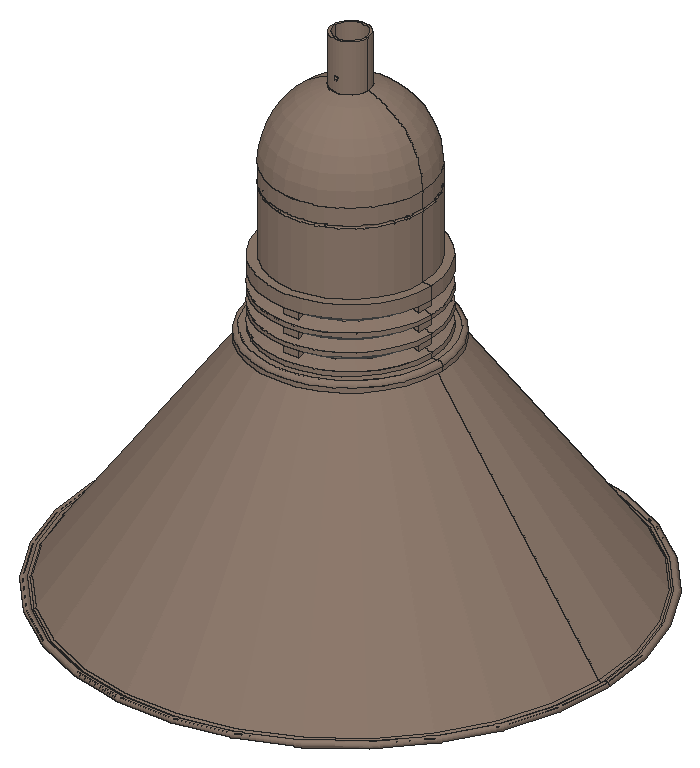
Revit family "BVA3009", category Generic Models, Revit 2014
Parameters
  GLASS = Glass
  BELL = Bronze, Architectural
Reference planes (in)
  plane 1 "Center (Front/Back)": y = 0
  plane 2: z = 0
  plane 3 "Center (Left/Right)": x = 0
Forms (in)
  Revolve 1, solid, material "Bronze, Architectural" <- "BELL"
    sketch origin (0, 0, 6.66097) x (1, 0, 0) y (0, 0, 1)
      loop
        line (-1.00991, 22.36504) -> (-1.00991, 19.61504) -> (-0.88491, 19.61504) -> (-0.88491, 22.36504) -> (-1.00991, 22.36504)
      axis (0, 22.36504) -> (0, 19.61504)
    angle from 0 to 360
  Revolve 2, solid, material "Bronze, Architectural" <- "BELL"
    sketch origin (0, 0, 6.66097) x (1, 0, 0) y (0, 0, 1)
      loop
        line (-0.69991, 19.61504) -> (-1.05259, 19.61504)
        arc (-1.05259, 19.61504) -> (-3.35001, 18.10258) -> (-4.24009, 15.5) r 4.25
        line (-4.24009, 15.5) -> (-4.24009, 14.5625)
        arc (-4.24009, 14.5625) -> (-4.20152, 14.5) -> (-4.24009, 14.4375) r 0.06992
        line (-4.24009, 14.4375) -> (-4.24009, 10.75) -> (-4.74009, 10.75) -> (-4.74009, 10) -> (-4.11509, 10) -> (-4.11509, 14.3836)
        arc (-4.11509, 14.3836) -> (-4.07652, 14.5) -> (-4.11509, 14.6164) r 0.19492
        line (-4.11509, 14.6164) -> (-4.11509, 15.5)
        arc (-4.11509, 15.5) -> (-3.25601, 18.0198) -> (-1.03659, 19.49004) r 4.125
        line (-1.03659, 19.49004) -> (-0.69991, 19.49004) -> (-0.69991, 19.61504)
      axis (0, 19.61504) -> (0, 10)
    angle from 0 to 360
  Revolve 3, solid, material "Bronze, Architectural" <- "BELL"
    sketch origin (0, 0, 6.66097) x (1, 0, 0) y (0, 0, 1)
      loop
        line (-3.99009, 6.5) -> (-4.86366, 6.5)
        arc (-4.86366, 6.5) -> (-4.97648, 6.47309) -> (-5.06502, 6.39816) r 0.25
        line (-5.06502, 6.39816) -> (-14.49415, -6.41649)
        arc (-14.49415, -6.41649) -> (-14.54675, -6.46559) -> (-14.60723, -6.50457) r 0.40382
        arc (-14.60723, -6.50457) -> (-14.74349, -6.55026) -> (-14.88629, -6.56642) r 0.6827
        arc (-14.88629, -6.56642) -> (-14.91775, -6.51516) -> (-14.85773, -6.51118) r 0.03513
        line (-14.85773, -6.51118) -> (-14.75525, -6.43961)
        arc (-14.75525, -6.43961) -> (-15.0288, -6.45777) -> (-14.88538, -6.69142) r 0.16013
        arc (-14.88538, -6.69142) -> (-14.71482, -6.67194) -> (-14.55223, -6.61686) r 0.8077
        arc (-14.55223, -6.61686) -> (-14.46878, -6.5633) -> (-14.39679, -6.4951) r 0.52882
        line (-14.39679, -6.4951) -> (-4.96434, 6.32408)
        arc (-4.96434, 6.32408) -> (-4.92007, 6.36155) -> (-4.86366, 6.375) r 0.125
        line (-4.86366, 6.375) -> (-3.99009, 6.375) -> (-3.99009, 6.5)
      axis (0, 6.5) -> (0, -6.69142)
    angle from 0 to 360
  Revolve 4, solid, material "Bronze, Architectural" <- "BELL"
    sketch origin (0, 0, 6.66097) x (1, 0, 0) y (0, 0, 1)
      loop
        arc (-5.11509, 7) -> (-5.29187, 6.92678) -> (-5.36509, 6.75) r 0.25
        line (-5.36509, 6.75) -> (-5.36509, 6.5) -> (-3.98978, 6.5) -> (-3.98978, 7) -> (-5.11509, 7)
      axis (0, 7) -> (0, 6.5)
    angle from 0 to 360
  Revolve 5, solid, material "Bronze, Architectural" <- "BELL"
    sketch origin (0, 0, 6.66097) x (1, 0, 0) y (0, 0, 1)
      loop
        line (-3.99009, 9.5) -> (-4.74009, 9.25) -> (-4.74009, 9) -> (-4.61509, 9) -> (-4.61509, 9.15991) -> (-3.95056, 9.38141) -> (-3.95056, 9.5) -> (-3.99009, 9.5)
      loop
        line (-3.99009, 8.5) -> (-4.74009, 8.25) -> (-4.74009, 8) -> (-4.61509, 8) -> (-4.61509, 8.15991) -> (-3.95056, 8.38141) -> (-3.95056, 8.5) -> (-3.99009, 8.5)
      loop
        line (-3.99009, 7.5) -> (-4.74009, 7.25) -> (-4.74009, 7) -> (-4.61509, 7) -> (-4.61509, 7.15991) -> (-3.95056, 7.38141) -> (-3.95056, 7.5) -> (-3.99009, 7.5)
      axis (0, 9.5) -> (0, 7)
    angle from 0 to 360
  Extrusion 6, solid, material "Bronze, Architectural" <- "BELL"
    sketch origin (0, 0, 6.66097) x (1, 0, 0) y (0, 0, 1)
      loop
        line (4.32241, 10) -> (4.00991, 10) -> (4.00991, 7) -> (4.32241, 7) -> (4.32241, 10)
    from -0.4375 to 0.4375
  Extrusion 7, solid, material "Bronze, Architectural" <- "BELL"
    sketch origin (0, 0, 6.66097) x (-1, 0, 0) y (0, 0, 1)
      loop
        line (4.32241, 10) -> (4.00991, 10) -> (4.00991, 7) -> (4.32241, 7) -> (4.32241, 10)
    from -0.4375 to 0.4375
  Extrusion 8, solid, material "Bronze, Architectural" <- "BELL"
    sketch origin (0, 0, 6.66097) x (0, -1, 0) y (0, 0, 1)
      loop
        line (4.32241, 10) -> (4.00991, 10) -> (4.00991, 7) -> (4.32241, 7) -> (4.32241, 10)
    from -0.4375 to 0.4375
  Extrusion 9, solid, material "Bronze, Architectural" <- "BELL"
    sketch origin (0, 0, 6.66097) x (0, 1, 0) y (0, 0, 1)
      loop
        line (4.32241, 10) -> (4.00991, 10) -> (4.00991, 7) -> (4.32241, 7) -> (4.32241, 10)
    from -0.4375 to 0.4375
  Extrusion 10, void
    sketch origin (0, 0, 6.66097) x (1, 0, 0) y (0, 0, 1)
      loop
        circle (0, 20.36504) r 0.12446
    from -1.04833 to 1.05599
  Revolve 11, solid, material "Glass" <- "GLASS"
    sketch origin (0, 0, 6.66097) x (1, 0, 0) y (0, 0, 1)
      loop
        line (0, 10) -> (-4.00991, 10) -> (-4.00991, 7) -> (0, 7) -> (0, 10)
      axis (0, 10) -> (0, 7)
    angle from 0 to 360
Cuts and joins
  Extrusion 10 cuts Revolve 1
Lines and regions (in)
  model lines
    curve 1: line (4.00991, 0, 16.66097) -> (4.00991, 0, 13.66097)
Dimensions and locks (in)
  aligned and locked: plane 2 to level
